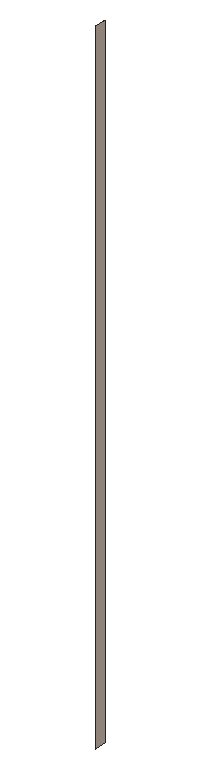
Revit family "L Stripe", category Structural Columns, Revit 2020
Family settings
  Section Shape = Not Defined
  Material for Model Behavior = Steel
  Always export as geometry = No
  Beam cutback in plan = From bounding box
  OmniClass Number = 23.25.30.11.14.11
  OmniClass Title = Columns
  Cut with Voids When Loaded = No
  Symbolic Representation = From Project Settings
  Shared = No
  Show family pre-cut in plan views = Yes
Parameters (values of type "L1")
  t1 = 1.20 mm
  t = t1 / 2  # 0.60 mm
  l = L1 / 2  # 25.00 mm
  W = 0
  Structural Material [instance] = Metal - Light Gauge
  L1 = 50.00 mm
  Assembly Code = "B10"
  A = 0.00 in²
Reference planes
  plane 1 "Center (Front/Back)": y = 0
  plane 2: z = 0
  plane 3 "Center (Left/Right)": x = 0
Forms (mm)
  Extrusion 1, solid, material "Metal - Light Gauge" <- "Structural Material", detail levels medium+fine
    sketch origin (15.875, 36.513, 0) x (-1, 0, 0) y (0, -1, 0)
      loop
        line (15.275, 61.513) -> (15.275, 11.513) -> (16.475, 11.513) -> (16.475, 61.513) -> (15.275, 61.513)
    from 0 to 2743.2
Lines and regions (mm)
  symbolic lines, style "Hidden Faces", detail levels medium+fine
    curve 1: line (-1.2, -14.287, 2743.2) -> (-1.2, -14.287, 0)
    curve 2: line (0, -1.2, 2743.2) -> (0, -1.2, 0)
  symbolic lines, style "StructuralColumnStickSymbols", detail levels coarse
    curve 3: line (0, -25, 0) -> (0, 25, 0)
    curve 4: line (0, -25, 0) -> (0, -113.9, 0)
Dimensions and locks
  Extrusion 1 sketch curve to curve 3 to Extrusion 1 sketch curve = 0.60 mm, 0.60 mm
  "t1": Extrusion 1 to Extrusion 1
  "L1": Extrusion 1 to Extrusion 1
  equal spacing: Extrusion 1, curve 3, Extrusion 1
  equal spacing: Extrusion 1, plane 1 "Center (Front/Back)", Extrusion 1
  aligned and locked: level to Extrusion 1  (x4)
  aligned and locked: level to plane 2
  aligned and locked: Extrusion 1 to plane 2
  aligned and locked: level to curve 1  (x2)
  aligned and locked: Extrusion 1 to level  (x4)
Automatic sketch dimensions
  curve 2 to level = 0.00 mm  (x2)
  plane 1 "Center (Front/Back)" to curve 2 = 1.20 mm
  curve 1 to plane 3 "Center (Left/Right)" = 1.20 mm
  plane 1 "Center (Front/Back)" to curve 4 = 25.00 mm
  curve 3 to plane 1 "Center (Front/Back)" = 25.00 mm
  curve 3 to plane 3 "Center (Left/Right)" = 0.00 mm
  curve 4 to curve 3 = 88.90 mm
  Extrusion 1 sketch curve to plane 1 "Center (Front/Back)" = 25.00 mm
  plane 1 "Center (Front/Back)" to Extrusion 1 sketch curve = 25.00 mm
